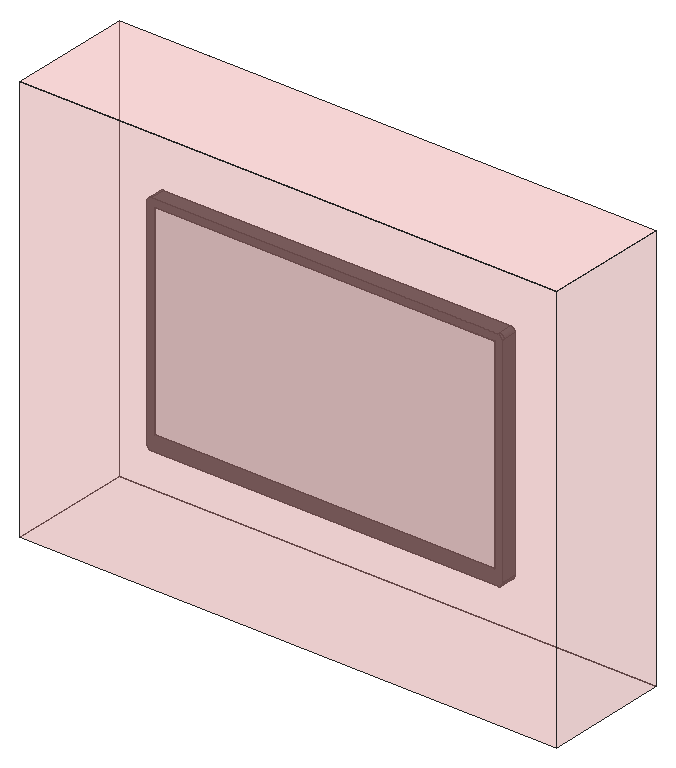
Revit family "Hitachi_CSNET-Manager-XT_", category Mechanical Equipment, Revit 2018
Family settings
  Round Connector Dimension = Use Diameter
  Classification = None
  Part Type = Normal
  OmniClass Number = 23.75.65.14.17
  OmniClass Title = Control and Monitoring Boards/Panels
  Work Plane-Based = Yes
  Always vertical = Yes
  Cut with Voids When Loaded = No
  Shared = No
  Room Calculation Point = No
Parameters (values of type "CSNET MANAGER 2T15")
  Uniformat code = "D306002"
  Uniformat = "Contrôle électronique "
  Type Comments = "CSNET Manager XT"
  Reference description = "Commande centralisée avec interface tactile de 17 pouces utilisant le logiciel CSNET Manager pour contrôler les unités intérieures."
  Product Code = "7E512202"
  Overall Width = 391 mm
  Overall Height = 249 mm
  Overall Depth = 37 mm
  Operating Humidity Range = "0~90%"
  Omniclass = "HVAC Main Control Panels"
  Object type = "Panneau de contrôle"
  OMNICLASS Table 23 Code  = "23-27 15 23 11"
  Number of Phases = 1
  Nominal Frequency Range = "50-60"
  Nominal Current = 5 A
  Name ETIM = "Accessoires pour climatiseur"
  Name BIM&CO = "Panneau de contrôle"
  Name = "CSNET Manager XT"
  Model = "CSNET Manager XT"
  Minimum Voltage = 12 V
  Minimum Operating Temperature = 0 °C
  Maximum Voltage = 24 V
  Maximum Operating Temperature = 40 °C
  Masterformat Code = "23 09 33"
  MasterFormat = "Electric and Electronic Control System for HVAC"
  Mass = 2.68 kg
  Manufacturer Product Link = ""
  Manufacturer = "Hitachi Air Conditioning Europe SAS"
  GTIN (Global Trade Item Number)  = ""
  Electric Power = 60 W
  ETIM Code = "EC011603"
  Description = "Commande centralisée avec interface tactile de 17 pouces utilisant le logiciel CSNET Manager pour contrôler les unités intérieures."
  Default Elevation = 1219.2 mm
  Communication Type = "Wired"
  Color = "Noir"
  Clearance Zone [instance] = yes
  BC_VARIANT_ID = "230600"
  BC_OBJECT_VERSION = "#3"  # constant formula
  BC_OBJECT_ID = "37694"  # constant formula
  BC_MODEL_ID = "349976"  # constant formula
Reference planes
  plane 1 "Center (Front/Back)": y = 0
  plane 2 "Bottom": z = 0
  plane 3 "Center (Left/Right)": x = 0
  plane 4: x = -195.5
  plane 5: x = 195.5
  plane 6: y = 18.5
  plane 7 "Front": y = -18.5
  plane 8 "Top": z = 249
  plane 9: y = -1.5
  plane 10 "MidHeight": z = 124.5
  plane 11 "Display": y = -16.5
  plane 12 "Connectors": z = 64.5
  plane 13: z = 349
  plane 14: z = -101
  plane 15: x = -295.5
  plane 16: x = 295.5
  plane 17: y = 68.5
  plane 18: y = -68.5
Forms (mm)
  Extrusion 1, solid, material "Polyethylene, High Density"
    sketch origin (0, -18.5, 0) x (-1, 0, 0) y (0, 0, 1)
      loop
        line (190.5, 249) -> (-190.5, 249)
        arc (-190.5, 249) -> (-194.036, 247.536) -> (-195.5, 244) r 5
        line (-195.5, 244) -> (-195.5, 5)
        arc (-195.5, 5) -> (-194.036, 1.464) -> (-190.5, 0) r 5
        line (-190.5, 0) -> (190.5, 0)
        arc (190.5, 0) -> (194.036, 1.464) -> (195.5, 5) r 5
        line (195.5, 5) -> (195.5, 244)
        arc (195.5, 244) -> (194.036, 247.536) -> (190.5, 249) r 5
    from 2 to 17
  Extrusion 2, solid, material "Polyethylene, High Density"
    sketch origin (0, 0, 124.5) x (-1, 0, 0) y (0, -1, 0)
      loop
        line (0, -18.5) -> (114.535, -18.5)
        arc (114.535, -18.5) -> (125.1, -16.158) -> (133.686, -9.57) r 25
        line (133.686, -9.57) -> (138.479, -3.858)
        arc (138.479, -3.858) -> (143.63, 0.095) -> (149.969, 1.5) r 15
        line (149.969, 1.5) -> (0, 1.5) -> (-149.969, 1.5)
        arc (-149.969, 1.5) -> (-143.63, 0.095) -> (-138.479, -3.858) r 15
        line (-138.479, -3.858) -> (-133.686, -9.57)
        arc (-133.686, -9.57) -> (-125.1, -16.158) -> (-114.535, -18.5) r 25
        line (-114.535, -18.5) -> (0, -18.5)
    from -60 to 60
  Extrusion 3, solid, material "Polyethylene, High Density"
    sketch origin (0, -18.5, 0) x (-1, 0, 0) y (0, 0, 1)
      loop
        line (190.5, 249) -> (-190.5, 249)
        arc (-190.5, 249) -> (-194.036, 247.536) -> (-195.5, 244) r 5
        line (-195.5, 244) -> (-195.5, 5)
        arc (-195.5, 5) -> (-194.036, 1.464) -> (-190.5, 0) r 5
        line (-190.5, 0) -> (190.5, 0)
        arc (190.5, 0) -> (194.036, 1.464) -> (195.5, 5) r 5
        line (195.5, 5) -> (195.5, 244)
        arc (195.5, 244) -> (194.036, 247.536) -> (190.5, 249) r 5
      loop
        line (187.5, 241) -> (-187.5, 241) -> (-187.5, 16) -> (187.5, 16) -> (187.5, 241)
    from 0 to 2
  Extrusion 4, solid, material "Polyethylene, High Density"
    sketch origin (0, 0, 0) x (1, 0, 0) y (0, 1, 0)
      loop
        arc (-187.831, -4.615) -> (-189.245, -5.201) -> (-189.831, -6.615) r 2
        line (-189.831, -6.615) -> (-189.831, -12.615)
        arc (-189.831, -12.615) -> (-189.245, -14.029) -> (-187.831, -14.615) r 2
        line (-187.831, -14.615) -> (-119.531, -14.615)
        arc (-119.531, -14.615) -> (-118.117, -14.029) -> (-117.531, -12.615) r 2
        line (-117.531, -12.615) -> (-117.531, -6.615)
        arc (-117.531, -6.615) -> (-118.117, -5.201) -> (-119.531, -4.615) r 2
        line (-119.531, -4.615) -> (-187.831, -4.615)
    from 0 to -1
  Extrusion 5, solid, material "Polyethylene, High Density"
    sketch origin (0, 0, 64.5) x (-1, 0, 0) y (0, -1, 0)
      loop
        line (114.535, -18.5) -> (114.535, 0) -> (-114.535, 0) -> (-114.535, -18.5) -> (114.535, -18.5)
      loop
        line (-94.497, -13.5) -> (-94.497, -3.964) -> (-104.535, -3.964) -> (-104.535, -13.5) -> (-94.497, -13.5)
      loop
        line (-84.99, -13.5) -> (-64.448, -13.5) -> (-64.448, -3.964) -> (-84.99, -3.964) -> (-84.99, -13.5)
      loop
        line (-43.188, -13.5) -> (-21.927, -13.5) -> (-21.927, -8.5) -> (-43.188, -8.5) -> (-43.188, -13.5)
      loop
        line (-7.381, -13.5) -> (11.801, -13.5) -> (11.801, -8.5) -> (-7.381, -8.5) -> (-7.381, -13.5)
      loop
        line (32.901, -13.5) -> (50.805, -13.5) -> (50.805, -8.5) -> (32.901, -8.5) -> (32.901, -13.5)
      loop
        circle (62.474, -8.5) r 2.493
      loop
        line (93.849, -13.5) -> (103.849, -13.5) -> (103.849, -10.502) -> (107.849, -10.502)
        arc (107.849, -10.502) -> (108.556, -10.209) -> (108.849, -9.502) r 1
        line (108.849, -9.502) -> (108.849, -7.946)
        arc (108.849, -7.946) -> (108.556, -7.239) -> (107.849, -6.946) r 1
        line (107.849, -6.946) -> (103.849, -6.946) -> (103.849, -3.964) -> (93.849, -3.964) -> (83.849, -3.964) -> (83.849, -6.946) -> (79.849, -6.946)
        arc (79.849, -6.946) -> (79.142, -7.239) -> (78.849, -7.946) r 1
        line (78.849, -7.946) -> (78.849, -9.502)
        arc (78.849, -9.502) -> (79.142, -10.209) -> (79.849, -10.502) r 1
        line (79.849, -10.502) -> (83.849, -10.502) -> (83.849, -13.5) -> (93.849, -13.5)
    from 0 to -1.971
  Extrusion 6, solid, material "Display"
    sketch origin (0, -16.5, 0) x (-1, 0, 0) y (0, 0, 1)
      loop
        line (187.5, 241) -> (-187.5, 241) -> (-187.5, 16) -> (187.5, 16) -> (187.5, 241)
    from 0 to -2
  Extrusion 7, solid, material "Default New Material", visible <- "Clearance Zone"
    sketch origin (0, 0, 0) x (1, 0, 0) y (0, 1, 0)
      loop
        line (-295.5, 68.5) -> (-295.5, -68.5) -> (295.5, -68.5) -> (295.5, 68.5) -> (-295.5, 68.5)
    from -101 to 349
Cuts and joins
  joined: Extrusion 1, Extrusion 2, Extrusion 3, Extrusion 4, Extrusion 5
Lines and regions (mm)
  symbolic lines, style "Clearance Zone"
    curve 1: line (-295.5, -16.5, 349) -> (295.5, -16.5, 349)
    curve 2: line (-295.5, -16.5, -101) -> (-295.5, -16.5, 349)
    curve 3: line (295.5, -16.5, -101) -> (-295.5, -16.5, -101)
    curve 4: line (295.5, -16.5, 349) -> (295.5, -16.5, -101)
    curve 5: line (0, 68.5, 349) -> (0, -68.5, 349)
    curve 6: line (0, 68.5, -101) -> (0, 68.5, 349)
    curve 7: line (0, -68.5, -101) -> (0, 68.5, -101)
    curve 8: line (0, -68.5, 349) -> (0, -68.5, -101)
    curve 9: line (-295.5, 68.5, 64.5) -> (295.5, 68.5, 64.5)
    curve 10: line (-295.5, -68.5, 64.5) -> (-295.5, 68.5, 64.5)
    curve 11: line (295.5, -68.5, 64.5) -> (-295.5, -68.5, 64.5)
    curve 12: line (295.5, 68.5, 64.5) -> (295.5, -68.5, 64.5)
Dimensions and locks
  equal spacing: plane 4, plane 3 "Center (Left/Right)", plane 5
  "Overall Width": plane 4 to plane 5
  equal spacing: plane 6, plane 1 "Center (Front/Back)", plane 7 "Front"
  "Overall Depth": plane 6 to plane 7 "Front"
  "Overall Height": plane 8 "Top" to plane 2 "Bottom"
  locked: plane 9 to plane 1 "Center (Front/Back)" at 1.5
  locked: plane 11 "Display" to plane 7 "Front" at 2
  aligned and locked: level to plane 2 "Bottom"
  aligned and locked: plane 8 "Top" to Extrusion 1 sketch curve
  aligned and locked: Extrusion 1 sketch curve to plane 4
  aligned and locked: Extrusion 1 sketch curve to plane 2 "Bottom"
  aligned and locked: plane 5 to Extrusion 1 sketch curve
  aligned and locked: Extrusion 1 to plane 9
  aligned and locked: Extrusion 1 to plane 11 "Display"
  aligned and locked: Extrusion 3 to plane 7 "Front"
  aligned and locked: Extrusion 3 to plane 11 "Display"
  aligned and locked: Extrusion 6 sketch curve to cut or joined group of Extrusion 1, Extrusion 2, Extrusion 3, Extrusion 4, Extrusion 5  (x4)
  aligned and locked: Extrusion 6 to plane 7 "Front"
Automatic sketch dimensions
  Extrusion 1 sketch curve to plane 5 = 5 mm  (x2)
  level to Extrusion 1 sketch curve = 5 mm
  Extrusion 1 sketch curve to Extrusion 1 sketch curve = 5 mm
  Extrusion 2 sketch curve to plane 9 = 0 mm
  Extrusion 2 sketch curve to plane 6 = 0 mm
  Extrusion 2 sketch curve to plane 3 "Center (Left/Right)" = 0 mm  (x2)
  Extrusion 2 sketch curve to plane 5 = 80.965 mm
  Extrusion 2 sketch curve to plane 6 = 8.93 mm  (x2)
  Extrusion 2 sketch curve to Extrusion 2 sketch curve = 19.151 mm
  Extrusion 2 sketch curve to plane 1 "Center (Front/Back)" = 3.858 mm  (x2)
  Extrusion 2 sketch curve to Extrusion 2 sketch curve = 4.793 mm  (x2)
  Extrusion 2 sketch curve to plane 6 = 5 mm
  Extrusion 2 sketch curve to plane 9 = 5 mm
  plane 4 to Extrusion 2 sketch curve = 80.965 mm
  Extrusion 2 sketch curve to Extrusion 2 sketch curve = 11.491 mm
  Extrusion 3 sketch curve to plane 5 = 0 mm
  Extrusion 3 sketch curve to level = 0 mm
  Extrusion 3 sketch curve to plane 8 "Top" = 0 mm
  Extrusion 3 sketch curve to plane 4 = 0 mm
  Extrusion 3 sketch curve to plane 5 = 5 mm  (x2)
  Extrusion 3 sketch curve to plane 5 = 8 mm
  plane 4 to Extrusion 3 sketch curve = 8 mm
  Extrusion 3 sketch curve to Extrusion 3 sketch curve = 3 mm  (x2)
  plane 4 to Extrusion 3 sketch curve = 5 mm
  Extrusion 3 sketch curve to Extrusion 3 sketch curve = 11 mm
  plane 4 to Extrusion 4 sketch curve = 5.669 mm
  plane 11 "Display" to Extrusion 4 sketch curve = 1.885 mm
  Extrusion 4 sketch curve to Extrusion 4 sketch curve = 2 mm  (x3)
  plane 11 "Display" to Extrusion 4 sketch curve = 3.885 mm
  Extrusion 4 sketch curve to Extrusion 4 sketch curve = 68.3 mm
  Extrusion 4 sketch curve to plane 9 = 5.115 mm
  Extrusion 5 sketch curve to plane 6 = 0 mm
  plane 1 "Center (Front/Back)" to Extrusion 5 sketch curve = 0 mm
  Extrusion 5 sketch curve to plane 5 = 80.965 mm
  Extrusion 5 sketch curve to plane 1 "Center (Front/Back)" = 3.964 mm  (x3)
  Extrusion 5 sketch curve to Extrusion 5 sketch curve = 10 mm  (x3)
  Extrusion 5 sketch curve to Extrusion 5 sketch curve = 10.038 mm
  Extrusion 5 sketch curve to Extrusion 5 sketch curve = 9.507 mm
  Extrusion 5 sketch curve to plane 6 = 5 mm  (x6)
  Extrusion 5 sketch curve to Extrusion 5 sketch curve = 20.543 mm
  Extrusion 5 sketch curve to Extrusion 5 sketch curve = 21.26 mm  (x2)
  plane 3 "Center (Left/Right)" to Extrusion 5 sketch curve = 7.381 mm
  Extrusion 5 sketch curve to plane 3 "Center (Left/Right)" = 11.801 mm
  Extrusion 5 sketch curve to plane 1 "Center (Front/Back)" = 8.5 mm  (x2)
  Extrusion 5 sketch curve to Extrusion 5 sketch curve = 21.1 mm
  Extrusion 5 sketch curve to Extrusion 5 sketch curve = 17.903 mm
  Extrusion 5 sketch curve to Extrusion 5 sketch curve = 11.669 mm
  Extrusion 5 sketch curve to Extrusion 5 sketch curve = 16.376 mm
  Extrusion 5 sketch curve to Extrusion 5 sketch curve = 1 mm  (x3)
  Extrusion 5 sketch curve to Extrusion 5 sketch curve = 4 mm  (x2)
  Extrusion 5 sketch curve to Extrusion 5 sketch curve = 0 mm  (x4)
  Extrusion 5 sketch curve to Extrusion 5 sketch curve = 6.686 mm
  Extrusion 5 sketch curve to Extrusion 5 sketch curve = 2.998 mm  (x2)
  Extrusion 5 sketch curve to Extrusion 5 sketch curve = 5 mm  (x2)
  Extrusion 5 sketch curve to Extrusion 5 sketch curve = 1.556 mm  (x2)
  curve 1 to plane 13 = 0 mm
  curve 1 to plane 16 = 0 mm
  curve 3 to plane 14 = 0 mm
  curve 3 to plane 15 = 0 mm
  curve 5 to plane 13 = 0 mm
  curve 5 to plane 18 = 0 mm
  curve 7 to plane 14 = 0 mm
  curve 7 to plane 17 = 0 mm
  curve 9 to plane 16 = 0 mm
  curve 11 to plane 15 = 0 mm
  curve 9 to plane 17 = 0 mm
  curve 11 to plane 18 = 0 mm
  Extrusion 7 sketch curve to plane 15 = 0 mm
  Extrusion 7 sketch curve to plane 16 = 0 mm
  Extrusion 7 sketch curve to plane 18 = 0 mm
  Extrusion 7 sketch curve to plane 17 = 0 mm
  radius of Extrusion 5 sketch curve = 2.493 mm
Connectors
  electrical at (99.516, 8.732, 64.5)
    settings: on cut or joined group of Extrusion 1, Extrusion 2, Extrusion 3, Extrusion 4, Extrusion 5, index 1, voltage 0 V, apparent load 0 VA, apparent load phase1 0 VA, apparent load phase2 0 VA, apparent load phase3 0 VA, power factor 1, load classification "Other", number of poles 1, system type 31, power factor state 1, is connector primary yes, connector utility no, sub classification motor no, connector description "External power supply"
  electrical at (74.719, 8.732, 64.5)
    settings: on cut or joined group of Extrusion 1, Extrusion 2, Extrusion 3, Extrusion 4, Extrusion 5, index 3, voltage 0 V, apparent load 0 VA, apparent load phase1 0 VA, apparent load phase2 0 VA, apparent load phase3 0 VA, power factor 1, load classification "Other", number of poles 1, system type 14, power factor state 1, is connector primary no, connector utility no, sub classification motor no, connector description "RJ45 Ethernet for TCP/IP connection"
  electrical at (32.558, 11, 64.5)
    settings: on cut or joined group of Extrusion 1, Extrusion 2, Extrusion 3, Extrusion 4, Extrusion 5, index 4, voltage 0 V, apparent load 0 VA, apparent load phase1 0 VA, apparent load phase2 0 VA, apparent load phase3 0 VA, power factor 1, load classification "Other", number of poles 1, system type 14, power factor state 1, is connector primary no, connector utility no, sub classification motor no, connector description "USB 2.0 slots"
  electrical at (-2.21, 11, 64.5)
    settings: on cut or joined group of Extrusion 1, Extrusion 2, Extrusion 3, Extrusion 4, Extrusion 5, index 5, voltage 0 V, apparent load 0 VA, apparent load phase1 0 VA, apparent load phase2 0 VA, apparent load phase3 0 VA, power factor 1, load classification "Other", number of poles 1, system type 14, power factor state 1, is connector primary no, connector utility no, sub classification motor no, connector description "USB 2.0 slots"
  electrical at (-41.853, 11, 62.529)
    settings: on cut or joined group of Extrusion 1, Extrusion 2, Extrusion 3, Extrusion 4, Extrusion 5, index 6, voltage 0 V, apparent load 0 VA, apparent load phase1 0 VA, apparent load phase2 0 VA, apparent load phase3 0 VA, power factor 1, load classification "Other", number of poles 1, system type 14, power factor state 1, is connector primary no, connector utility no, sub classification motor no, connector description "HDMI output"
  electrical at (-62.474, 8.5, 64.5)
    settings: on cut or joined group of Extrusion 1, Extrusion 2, Extrusion 3, Extrusion 4, Extrusion 5, index 7, voltage 0 V, apparent load 0 VA, apparent load phase1 0 VA, apparent load phase2 0 VA, apparent load phase3 0 VA, power factor 1, load classification "Other", number of poles 1, system type 14, power factor state 1, is connector primary no, connector utility no, sub classification motor no, connector description "Auxiliary output"
  electrical at (-93.849, 8.726, 62.529)
    settings: on cut or joined group of Extrusion 1, Extrusion 2, Extrusion 3, Extrusion 4, Extrusion 5, index 8, voltage 0 V, apparent load 0 VA, apparent load phase1 0 VA, apparent load phase2 0 VA, apparent load phase3 0 VA, power factor 1, load classification "Other", number of poles 1, system type 14, power factor state 1, is connector primary no, connector utility no, sub classification motor no, connector description "VGA output"
